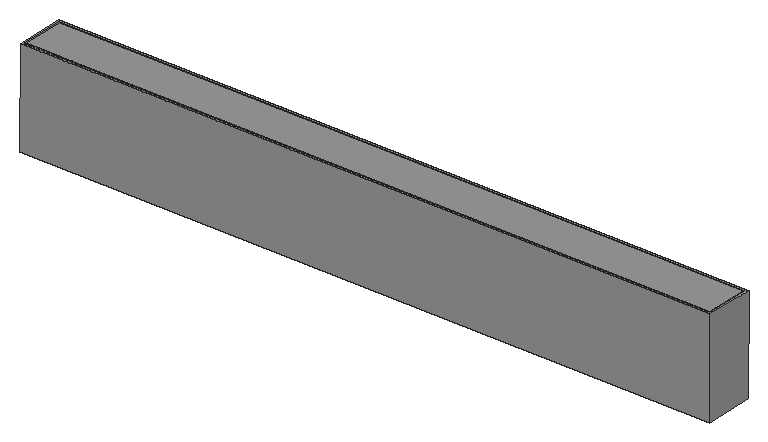
Revit family "Artemide_Sharp_SMD", category Lighting Fixtures, Revit 2018
Family settings
  Round Connector Dimension = Use Diameter
  Part Type = Normal
  Work Plane-Based = Yes
  Always vertical = Yes
  Cut with Voids When Loaded = No
  Light Source = Yes
  Shared = No
  Room Calculation Point = No
Parameters (values of type "SharpSMD_16opticunit_47W_52°_4000K_White_AF86501")
  Wattage = 47 W
  built-in parameter 1150110 = 1 (stored number, unit not read)
  Voltage = "-"
  V_2Optics = if(or(Distance_RightEnd < 22 mm, Distance_RightEnd > 60 mm), 1 = 0, 1 = 1)  # no
  V_1Optic = if(Distance_RightEnd < 60 mm, 1 = 0, 1 = 1)  # yes
  TotalNumberOfOptics = NumberOfOptics + 1  # 16
  built-in parameter 1114217 = 1 (stored number, unit not read)
  Tilt Angle = 90.00°
  built-in parameter 1150109 = 1 (stored number, unit not read)
  built-in parameter 1150134 = 12
  built-in parameter 1150113 = 1 (stored number, unit not read)
  Product Range = "Sharp"
  Photometric Web File = "AF86501+AF95201.IES"
  NumberOfOptics = 15
  Max Height from ceiling = 0 mm
  M_Louvre [instance] = Artemide_Aluminum_Black
  M_Housing = Artemide_Aluminum_Black
  M_ExternalHousing = Artemide_Aluminum_White
  M_Diffuser = Artemide_Glass_LightBulb
  built-in parameter 1150105 = 265.36 (stored number, unit not read)
  Lumens = 3334.65 lm
  built-in parameter 1150115 = 1 (stored number, unit not read)
  built-in parameter 1150137 = (empty or 0)
  built-in parameter 1150139 = (empty or 0)
  built-in parameter 1150112 = 1 (stored number, unit not read)
  built-in parameter 1150114 = 1 (stored number, unit not read)
  built-in parameter 1150132 = (empty or 0)
  built-in parameter 1150102 = (empty or 0)
  built-in parameter 1150107 = 4000 (stored number, unit not read)
  built-in parameter 1150138 = (empty or 0)
  built-in parameter 1150106 = 2.6536 (stored number, unit not read)
  IfcExportType = "NOT DEFINED"  # constant formula
  IfcExportAs = "IfcLightFixtureType"  # constant formula
  Weekly = "-"
  Warranty ID = "https://cloud.artemide.com/5-years-warranty"
  Upward Component  = 0
  Unified Glare Rating  = "-"
  Uniclass 2015 = "Pr_70_70_48"  # constant formula
  URL to O&M Manual = "https://www.artemide.com/contents/documenti/prodotto/sharp_smd_instructions4862734.pdf"
  URL to Energy Technology List = "-"
  Trim Material = "-"
  Trim Finish = "-"
  Trim Colour  = "-"
  Total Power = 0
  Total Light Output  = 0
  Testing method = "-"
  Supply Phase = 0
  Suitable for Photocell Control = "-"
  Suitable for Motion Detector Control = "N"
  Suitable for Dimming  = "N"
  Suitable Dimmer Type = "-"
  Standards = "-"
  Shipping Weight = 0
  Service life  = "-"
  Secondary Rated Lamp Life = 0
  Secondary Lamp Voltage = 0
  Secondary Lamp International Type Code = "-"
  Secondary Lamp Initial Lumens  = 0
  Secondary Lamp Included = "-"
  Secondary Lamp Efficacy = 0
  Secondary Lamp Colour Temperature = 0
  Secondary Lamp Colour Rendering Index = 0
  Secondary Lamp Cap = "-"
  Secondary Lamp = "N"
  Responsible Sourcing of Materials = "-"
  Responsible Extraction of Materials = "-"
  Reflector Material = "-"
  Reflector Finish = "-"
  Rated Lamp Life = 103000
  Quarterly = "-"
  Product Model Number = "AF86501"
  Product Literature = "https://www.artemide.com/en/subfamily/4198725/sharp-smd"
  Primary Lamp Type = "LED"
  Power Supply Kit = "-"
  Power Factor = 0
  Photocell = "-"
  Overall Width = 45
  Overall Light Output Ratio = 0
  Overall Length = 596
  Overall Height = 90
  Output Lumens Indirect light = 0
  Output Lumens Direct light = 417
  Number of Secondary Lamps = 0
  Number of Primary Lamps = 1
  Number of Poles = 0
  Motion Sensor = "-"
  Motion Detector = "-"
  Monthly = "-"
  Minimum Operating Temperature = 0
  Maximum Operating Temperature = 0
  Material Ingredient Reporting = "-"
  Manufacturer Website = "https://www.artemide.com"
  Manufacturer = "Artemide"
  Maintenance Required: 8001-12000hrs  = "-"
  Maintenance Required: 601-1000hrs = "-"
  Maintenance Required: 4001-8000hrs  = "-"
  Maintenance Required: 301-600hrs  = "-"
  Maintenance Required: 2001-4000hrs  = "-"
  Maintenance Required: 1001-2000hrs  = "-"
  Maintenance Required: 0-300hrs  = "-"
  Luminance at 65deg Angle = 0
  Luminaire Type = "Ceiling lamp"
  Luminaire Maintenance Factor = 0
  Luminaire Cleaning Interval  = "-"
  Louvre/Lens = "-"
  Location of Manufacturer = "-"
  Light Output Pattern = "-"
  Light Fixture Mounting Type = "Ceiling"
  Life Cycle Analysis = "-"
  Lamp Survival Factor = "-"
  Lamp Replacement Interval = "-"
  Lamp Included = "Y"
  Lamp Holder Material = "-"
  Lamp Cap = "LED Integrated"
  LED lifetime = 103000
  LED Maintained Colour Variation         = 0
  LED Initial Colour Variation                      = 0
  International Type Code = "-"
  Intended Market = "Unset"
  Integral Fuse or Circuit Protection  = "-"
  Integral Emergency Lighting Battery Type = "-"
  Input Lumens Indirect light = 0
  Input Lumens Direct light = 498.1
  Initial Lumens = 804
  Infills = "-"
  IP Rating = "IP20"
  IK Rating = "-"
  IES Files  = "-"
  Housing Material = "Aluminium"
  Housing Finish  = "Painted"
  Housing Colour  = "White"
  Hazardous Area Protection Type = "-"
  Hazardous Area Category = "-"
  Gross Weight = 0
  Green Guide for Specification = "-"
  Gasket Material = "-"
  Frequency  = 0
  Fixings = "-"
  Fixing Material = "-"
  Fire Shroud = "-"
  Fire Rating Duration = 0
  Fire Rated Temperature = 0
  Fire Rated = "-"
  Features = "Any additional components/accessories included in this file are required to complete the product/configuration and must be ordered separately.Please check the catalogue/dedicated brochure for more information"
  Face Width = 0
  Face Shape = "Rectangular"
  Face Length = 0
  External Control Line Voltage = 0
  Expected Life = "-"
  Environmental Product Declaration = "-"
  End Caps/Transition Caps/Joints = "-"
  Emit from Rectangle Width = 37.4 mm
  Emit from Rectangle Length = 596.8 mm
  Emit Shape Visible in Rendering = no
  Emergency light output percentage = 0
  Emergency Lighting Battery = "-"
  Emergency Charging Power       = 0
  Emergency = "N"
  Embodied Carbon  = 0
  Efficiency = 73
  built-in parameter 1150104 = 6.5915 (stored number, unit not read)
  Earth Point  = "-"
  ENEC Certification of European conformity = "Y"
  Duration of Integral Emergency Lighting  = 0
  Drive Current                                          = 0
  Downward Component = 0
  Distance_RightEnd = 580.4 mm
  Dimming Lamp Color Temperature Shift = <None>
  Diffusing screen = "-"
  Diffuser Material  = "-"
  Diffuser Finish = "-"
  Designed by = "Carlotta de Bevilacqua"
  Default Elevation = 1219.2 mm
  Daylight Sensor = "-"
  Daily = "-"
  Cut Out Width = 0
  Cut Out Length = 0
  Current  = 0
  Control Gear Type = "-"
  Control Gear Standby Power  = 0
  Control Gear Required = "-"
  Control Gear Location = "-"
  Column = "-"
  Colour Temperature = 4000
  Colour Rendering Index = 90
  Color Filter = 16777215
  Cable Material = "-"
  CE Approval = "YES"
  Bespoke Timeframe = "-"
  Beam Angle Transverse Axis  = 0.00°
  Beam Angle Longditudinal Axis  = 0.00°
  Basis of lifetime luminaire failures        = 0
  Basis of lifetime lumen depreciation   = 0
  built-in parameter 1114218 = 1 (stored number, unit not read)
  built-in parameter 1150133 = 10 (stored number, unit not read)
  Application Environment = "Internal"
  Annually = "-"
  Ambient Temperature                             = 0
  Air Handling = "-"
  Access Clearance Top = 0
  Access Clearance Right = 0
  Access Clearance Rear = 0
  Access Clearance Left = 0
  Access Clearance Front = 0
  Access Clearance Bottom = 0
  6 Monthly = "-"
Reference planes
  plane 1 "Center (Front/Back)": y = 0
  plane 2: z = 0
  plane 3 "Center (Left/Right)": x = 0
  plane 4: x = -20.882
  plane 5: x = -9.382
  plane 6: x = 580.4
  plane 7: x = 568.9
  plane 8 "Bottom Lamp": z = -85
  plane 9: z = -46.638
  plane 10: z = -45.038
  plane 11: x = -18.65
  plane 12: x = 578.169
  plane 13: y = 20.9
  plane 14: y = -20.9
  plane 15: y = 18.7
  plane 16: y = -18.7
  plane 17: y = 10
  plane 18: y = -10
  plane 19: z = -3
  plane 20 "Light": z = -65.038
  plane 21: x = 279.759
Forms (mm)
  Extrusion 1, solid, material "Artemide_Aluminum_White" <- "M_ExternalHousing"
    sketch origin (0, 0, -85) x (-1, 0, 0) y (0, -1, 0)
      loop
        line (18.65, -18.7) -> (18.65, 18.7) -> (-578.169, 18.7) -> (-578.169, -18.7) -> (18.65, -18.7)
      loop
        line (20.882, -20.9) -> (20.882, 20.9) -> (-580.4, 20.9) -> (-580.4, -20.9) -> (20.882, -20.9)
    from 0 to 85
  Extrusion 2, solid, material "Artemide_Aluminum_Black" <- "M_Housing"
    sketch origin (0, 0, 0) x (0, 1, 0) y (0, 0, 1)
      loop
        line (10, -45.038) -> (-10, -45.038) -> (-10, -46.638) -> (10, -46.638) -> (10, -45.038)
    from -9.382 to 568.9
  Extrusion 3, solid, material "Artemide_Aluminum_White" <- "M_ExternalHousing"
    sketch origin (0, 0, 0) x (0, 1, 0) y (0, 0, 1)
      loop
        line (18.7, 0) -> (-18.7, 0) -> (-18.7, -3) -> (18.7, -3) -> (18.7, 0)
    from -18.65 to 578.169
Dimensions and locks
  locked: plane 3 "Center (Left/Right)" to plane 4 at 20.882
  locked: plane 3 "Center (Left/Right)" to plane 5 at 9.382
  locked: plane 6 to plane 7 at 11.5
  "Distance_RightEnd": plane 6 to plane 3 "Center (Left/Right)"
  locked: plane 2 to plane 8 "Bottom Lamp" at 85
  plane 10 to plane 9 to plane 8 "Bottom Lamp" = 1.6 mm locked, 38.362 mm locked
  locked: plane 4 to plane 11 at 2.231
  locked: plane 6 to plane 12 at 2.231
  equal spacing: plane 13, plane 1 "Center (Front/Back)", plane 14
  locked: plane 13 to plane 14 at 41.8
  locked: plane 14 to plane 16 at 2.2
  locked: plane 13 to plane 15 at 2.2
  equal spacing: plane 17, plane 1 "Center (Front/Back)", plane 18
  locked: plane 17 to plane 18 at 20
  locked: plane 2 to plane 19 at 3
  equal spacing: group 1, group 2, group 3, group 4, group 5, group 6, group 7, group 8, group 9, group 10, group 11, group 12, group 13, group 14, group 15  (x3)
  locked: plane 20 "Light" to plane 8 "Bottom Lamp" at 19.962
  equal spacing: plane 4, plane 21, plane 6
  aligned and locked: level to plane 2
  aligned and locked: plane 1 "Center (Front/Back)" to nested 1
  aligned and locked: Extrusion 1 sketch curve to plane 4
  aligned and locked: Extrusion 1 sketch curve to plane 13
  aligned and locked: Extrusion 1 sketch curve to plane 6
  aligned and locked: Extrusion 1 sketch curve to plane 14
  aligned and locked: Extrusion 1 sketch curve to plane 11
  aligned and locked: Extrusion 1 sketch curve to plane 15
  aligned and locked: Extrusion 1 sketch curve to plane 12
  aligned and locked: Extrusion 1 sketch curve to plane 16
  aligned and locked: Extrusion 1 to plane 8 "Bottom Lamp"
  aligned and locked: plane 2 to Extrusion 1
  aligned and locked: Extrusion 2 sketch curve to plane 17
  aligned and locked: Extrusion 2 sketch curve to plane 10
  aligned and locked: Extrusion 2 sketch curve to plane 18
  aligned and locked: plane 9 to Extrusion 2 sketch curve
  aligned and locked: plane 5 to Extrusion 2
  aligned and locked: plane 7 to Extrusion 2
  aligned and locked: Extrusion 3 sketch curve to plane 2
  aligned and locked: Extrusion 3 sketch curve to plane 16
  aligned and locked: plane 19 to Extrusion 3 sketch curve
  aligned and locked: Extrusion 3 sketch curve to plane 15
  aligned and locked: plane 11 to Extrusion 3
  aligned and locked: plane 12 to Extrusion 3
  aligned and locked: plane 20 "Light" to imposter light
  aligned and locked: imposter light to plane 1 "Center (Front/Back)"
  aligned and locked: imposter light to plane 21
Nested families
  nested 1: "Artedime_Sharp_SMD_BasicGeometry" at (0, 0, 0), M_Louvre <- "M_Louvre", M_Housing <- "M_Housing", M_Diffuser <- "M_Diffuser", type "Artedime_Sharp_SMD_BasicGeometry"
    with M_Louvre Artemide_Aluminum_Black, M_Housing Artemide_Aluminum_Black, M_Diffuser Artemide_Glass_LightBulb
  nested 2: "Artedime_Sharp_SMD_BasicGeometry" at (37.3, 0, 0), M_Louvre <- "M_Louvre", M_Housing <- "M_Housing", M_Diffuser <- "M_Diffuser", visible <- "V_1Optic", type "Artedime_Sharp_SMD_BasicGeometry"
    with M_Louvre Artemide_Aluminum_Black, M_Housing Artemide_Aluminum_Black, M_Diffuser Artemide_Glass_LightBulb
  nested 3: "Artedime_Sharp_SMD_BasicGeometry" at (74.6, 0, 0), M_Louvre <- "M_Louvre", M_Housing <- "M_Housing", M_Diffuser <- "M_Diffuser", visible <- "V_1Optic", type "Artedime_Sharp_SMD_BasicGeometry"
    with M_Louvre Artemide_Aluminum_Black, M_Housing Artemide_Aluminum_Black, M_Diffuser Artemide_Glass_LightBulb
  nested 4: "Artedime_Sharp_SMD_BasicGeometry" at (37.3, 0, 0), M_Louvre <- "M_Louvre", M_Housing <- "M_Housing", M_Diffuser <- "M_Diffuser", visible <- "V_2Optics", type "Artedime_Sharp_SMD_BasicGeometry"
    with M_Louvre Artemide_Aluminum_Black, M_Housing Artemide_Aluminum_Black, M_Diffuser Artemide_Glass_LightBulb
  nested 5: "Artedime_Sharp_SMD_BasicGeometry" at (111.9, 0, 0), M_Louvre <- "M_Louvre", M_Housing <- "M_Housing", M_Diffuser <- "M_Diffuser", visible <- "V_1Optic", type "Artedime_Sharp_SMD_BasicGeometry"
    with M_Louvre Artemide_Aluminum_Black, M_Housing Artemide_Aluminum_Black, M_Diffuser Artemide_Glass_LightBulb
  nested 6: "Artedime_Sharp_SMD_BasicGeometry" at (149.2, 0, 0), M_Louvre <- "M_Louvre", M_Housing <- "M_Housing", M_Diffuser <- "M_Diffuser", visible <- "V_1Optic", type "Artedime_Sharp_SMD_BasicGeometry"
    with M_Louvre Artemide_Aluminum_Black, M_Housing Artemide_Aluminum_Black, M_Diffuser Artemide_Glass_LightBulb
  nested 7: "Artedime_Sharp_SMD_BasicGeometry" at (186.5, 0, 0), M_Louvre <- "M_Louvre", M_Housing <- "M_Housing", M_Diffuser <- "M_Diffuser", visible <- "V_1Optic", type "Artedime_Sharp_SMD_BasicGeometry"
    with M_Louvre Artemide_Aluminum_Black, M_Housing Artemide_Aluminum_Black, M_Diffuser Artemide_Glass_LightBulb
  nested 8: "Artedime_Sharp_SMD_BasicGeometry" at (223.8, 0, 0), M_Louvre <- "M_Louvre", M_Housing <- "M_Housing", M_Diffuser <- "M_Diffuser", visible <- "V_1Optic", type "Artedime_Sharp_SMD_BasicGeometry"
    with M_Louvre Artemide_Aluminum_Black, M_Housing Artemide_Aluminum_Black, M_Diffuser Artemide_Glass_LightBulb
  nested 9: "Artedime_Sharp_SMD_BasicGeometry" at (261.1, 0, 0), M_Louvre <- "M_Louvre", M_Housing <- "M_Housing", M_Diffuser <- "M_Diffuser", visible <- "V_1Optic", type "Artedime_Sharp_SMD_BasicGeometry"
    with M_Louvre Artemide_Aluminum_Black, M_Housing Artemide_Aluminum_Black, M_Diffuser Artemide_Glass_LightBulb
  nested 10: "Artedime_Sharp_SMD_BasicGeometry" at (298.4, 0, 0), M_Louvre <- "M_Louvre", M_Housing <- "M_Housing", M_Diffuser <- "M_Diffuser", visible <- "V_1Optic", type "Artedime_Sharp_SMD_BasicGeometry"
    with M_Louvre Artemide_Aluminum_Black, M_Housing Artemide_Aluminum_Black, M_Diffuser Artemide_Glass_LightBulb
  nested 11: "Artedime_Sharp_SMD_BasicGeometry" at (335.7, 0, 0), M_Louvre <- "M_Louvre", M_Housing <- "M_Housing", M_Diffuser <- "M_Diffuser", visible <- "V_1Optic", type "Artedime_Sharp_SMD_BasicGeometry"
    with M_Louvre Artemide_Aluminum_Black, M_Housing Artemide_Aluminum_Black, M_Diffuser Artemide_Glass_LightBulb
  nested 12: "Artedime_Sharp_SMD_BasicGeometry" at (373, 0, 0), M_Louvre <- "M_Louvre", M_Housing <- "M_Housing", M_Diffuser <- "M_Diffuser", visible <- "V_1Optic", type "Artedime_Sharp_SMD_BasicGeometry"
    with M_Louvre Artemide_Aluminum_Black, M_Housing Artemide_Aluminum_Black, M_Diffuser Artemide_Glass_LightBulb
  nested 13: "Artedime_Sharp_SMD_BasicGeometry" at (410.3, 0, 0), M_Louvre <- "M_Louvre", M_Housing <- "M_Housing", M_Diffuser <- "M_Diffuser", visible <- "V_1Optic", type "Artedime_Sharp_SMD_BasicGeometry"
    with M_Louvre Artemide_Aluminum_Black, M_Housing Artemide_Aluminum_Black, M_Diffuser Artemide_Glass_LightBulb
  nested 14: "Artedime_Sharp_SMD_BasicGeometry" at (447.6, 0, 0), M_Louvre <- "M_Louvre", M_Housing <- "M_Housing", M_Diffuser <- "M_Diffuser", visible <- "V_1Optic", type "Artedime_Sharp_SMD_BasicGeometry"
    with M_Louvre Artemide_Aluminum_Black, M_Housing Artemide_Aluminum_Black, M_Diffuser Artemide_Glass_LightBulb
  nested 15: "Artedime_Sharp_SMD_BasicGeometry" at (484.9, 0, 0), M_Louvre <- "M_Louvre", M_Housing <- "M_Housing", M_Diffuser <- "M_Diffuser", visible <- "V_1Optic", type "Artedime_Sharp_SMD_BasicGeometry"
    with M_Louvre Artemide_Aluminum_Black, M_Housing Artemide_Aluminum_Black, M_Diffuser Artemide_Glass_LightBulb
  nested 16: "Artedime_Sharp_SMD_BasicGeometry" at (522.2, 0, 0), M_Louvre <- "M_Louvre", M_Housing <- "M_Housing", M_Diffuser <- "M_Diffuser", visible <- "V_1Optic", type "Artedime_Sharp_SMD_BasicGeometry"
    with M_Louvre Artemide_Aluminum_Black, M_Housing Artemide_Aluminum_Black, M_Diffuser Artemide_Glass_LightBulb
  nested 17: "Artedime_Sharp_SMD_BasicGeometry" at (559.5, 0, 0), M_Louvre <- "M_Louvre", M_Housing <- "M_Housing", M_Diffuser <- "M_Diffuser", visible <- "V_1Optic", type "Artedime_Sharp_SMD_BasicGeometry"
    with M_Louvre Artemide_Aluminum_Black, M_Housing Artemide_Aluminum_Black, M_Diffuser Artemide_Glass_LightBulb
Definition of nested family "Artedime_Sharp_SMD_BasicGeometry"
  Parameters (values of type "Artedime_Sharp_SMD_BasicGeometry")
    Voltage = ""
    Product Range = ""
    Max Height from ceiling = 0 mm
    M_Louvre [instance] = none
    M_Housing [instance] = none
    M_Diffuser [instance] = none
    IfcExportType = "NOT DEFINED"  # constant formula
    IfcExportAs = "IfcLightFixtureType"  # constant formula
    Weekly = ""
    Warranty ID = ""
    Upward Component  = 0
    Unified Glare Rating  = ""
    Uniclass 2015 = "Pr_70_70_48"  # constant formula
    URL to O&M Manual = ""
    URL to Energy Technology List = ""
    Trim Material = ""
    Trim Finish = ""
    Trim Colour  = ""
    Total Power = 0
    Total Light Output  = 0
    Testing method = ""
    Supply Phase = 0
    Suitable for Photocell Control = ""
    Suitable for Motion Detector Control = ""
    Suitable for Dimming  = ""
    Suitable Dimmer Type = ""
    Standards = ""
    Shipping Weight = 0
    Service life  = ""
    Secondary Rated Lamp Life = 0
    Secondary Lamp Voltage = 0
    Secondary Lamp International Type Code = ""
    Secondary Lamp Initial Lumens  = 0
    Secondary Lamp Included = ""
    Secondary Lamp Efficacy = 0
    Secondary Lamp Colour Temperature = 0
    Secondary Lamp Colour Rendering Index = 0
    Secondary Lamp Cap = ""
    Secondary Lamp = ""
    Responsible Sourcing of Materials = ""
    Responsible Extraction of Materials = ""
    Reflector Material = ""
    Reflector Finish = ""
    Rated Lamp Life = 0
    Quarterly = ""
    Product Model Number = ""
    Product Literature = ""
    Primary Lamp Type = ""
    Power Supply Kit = ""
    Power Factor = 0
    Photocell = ""
    Overall Width = 0
    Overall Light Output Ratio = 0
    Overall Length = 0
    Overall Height = 0
    Output Lumens Indirect light = 0
    Output Lumens Direct light = 0
    Number of Secondary Lamps = 0
    Number of Primary Lamps = 0
    Number of Poles = 0
    Motion Sensor = ""
    Motion Detector = ""
    Monthly = ""
    Minimum Operating Temperature = 0
    Maximum Operating Temperature = 0
    Material Ingredient Reporting = ""
    Manufacturer Website = "https://www.artemide.com"
    Manufacturer = "Artemide"
    Maintenance Required: 8001-12000hrs  = ""
    Maintenance Required: 601-1000hrs = ""
    Maintenance Required: 4001-8000hrs  = ""
    Maintenance Required: 301-600hrs  = ""
    Maintenance Required: 2001-4000hrs  = ""
    Maintenance Required: 1001-2000hrs  = ""
    Maintenance Required: 0-300hrs  = ""
    Luminance at 65deg Angle = 0
    Luminaire Type = ""
    Luminaire Maintenance Factor = 0
    Luminaire Cleaning Interval  = ""
    Louvre/Lens = ""
    Location of Manufacturer = ""
    Light Output Pattern = ""
    Light Fixture Mounting Type = ""
    Life Cycle Analysis = ""
    Lamp Survival Factor = ""
    Lamp Replacement Interval = ""
    Lamp Included = ""
    Lamp Holder Material = ""
    Lamp Cap = ""
    LED lifetime = 0
    LED Maintained Colour Variation         = 0
    LED Initial Colour Variation                      = 0
    International Type Code = ""
    Intended Market = ""
    Integral Fuse or Circuit Protection  = ""
    Integral Emergency Lighting Battery Type = ""
    Input Lumens Indirect light = 0
    Input Lumens Direct light = 0
    Initial Lumens = 0
    Infills = ""
    IP Rating = ""
    IK Rating = ""
    IES Files  = ""
    Housing Material = ""
    Housing Finish  = ""
    Housing Colour  = ""
    Hazardous Area Protection Type = ""
    Hazardous Area Category = ""
    Gross Weight = 0
    Green Guide for Specification = ""
    Gasket Material = ""
    Frequency  = 0
    Fixings = ""
    Fixing Material = ""
    Fire Shroud = ""
    Fire Rating Duration = 0
    Fire Rated Temperature = 0
    Fire Rated = ""
    Features = ""
    Face Width = 0
    Face Shape = ""
    Face Length = 0
    External Control Line Voltage = 0
    Expected Life = ""
    Environmental Product Declaration = ""
    End Caps/Transition Caps/Joints = ""
    Emergency light output percentage = 0
    Emergency Lighting Battery = ""
    Emergency Charging Power       = 0
    Emergency = ""
    Embodied Carbon  = 0
    Efficiency = 0
    Efficacy_2 = 0
    Earth Point  = ""
    ENEC Certification of European conformity = ""
    Duration of Integral Emergency Lighting  = 0
    Drive Current                                          = 0
    Downward Component = 0
    Diffusing screen = ""
    Diffuser Material  = ""
    Diffuser Finish = ""
    Designed by = ""
    Default Elevation = 1219.2 mm
    Daylight Sensor = ""
    Daily = ""
    Cut Out Width = 0
    Cut Out Length = 0
    Current  = 0
    Control Gear Type = ""
    Control Gear Standby Power  = 0
    Control Gear Required = ""
    Control Gear Location = ""
    Column = ""
    Colour Temperature = 0
    Colour Rendering Index = 0
    Cable Material = ""
    CE Approval = ""
    Bespoke Timeframe = ""
    Beam Angle Transverse Axis  = 0.00°
    Beam Angle Longditudinal Axis  = 0.00°
    Basis of lifetime luminaire failures        = 0
    Basis of lifetime lumen depreciation   = 0
    Application Environment = ""
    Annually = ""
    Ambient Temperature                             = 0
    Air Handling = ""
    Access Clearance Top = 0
    Access Clearance Right = 0
    Access Clearance Rear = 0
    Access Clearance Left = 0
    Access Clearance Front = 0
    Access Clearance Bottom = 0
    6 Monthly = ""
  Reference planes
    plane 1 "Center (Front/Back)": y = 0
    plane 2: z = 0
    plane 3 "Center (Left/Right)": x = 0
    plane 4: z = -85
    plane 5: z = -67.93
    plane 6: z = -67.659
    plane 7: z = -66.297
    plane 8: z = -47.137
    plane 9: y = 16.768
    plane 10: y = -16.768
    plane 11: x = 16.8
    plane 12: x = -16.8
    plane 13: y = 13.017
    plane 14: y = -13.017
    plane 15: x = -13.057
    plane 16: x = 13.057
    plane 17: x = -18.526
    plane 18: x = 18.526
    plane 19: z = -46.638
  Forms (mm)
    Revolve 1, solid, material <- "M_Housing"
      sketch origin (0, 0, 0) x (0, 1, 0) y (0, 0, 1)
        loop
          line (3.42, -47.137) -> (0, -47.137) -> (0, -48.137) -> (2.846, -48.137)
          arc (2.846, -48.137) -> (6.44, -56.901) -> (7.639, -66.297) r 36.224
          line (7.639, -66.297) -> (8.639, -66.297)
          arc (8.639, -66.297) -> (7.331, -56.362) -> (3.42, -47.137) r 37.224
        axis (0, -47.137) -> (0, -66.297)
      angle from 0 to 360
    Revolve 2, solid, material <- "M_Housing"
      sketch origin (0, 0, 0) x (0, 1, 0) y (0, 0, 1)
        loop
          line (11.491, -67.659) -> (10.099, -66.297) -> (9.099, -66.297) -> (10.461, -67.659) -> (11.491, -67.659)
        axis (0, -66.297) -> (0, -67.659)
      angle from 0 to 360
    Sweep 3, solid, material <- "M_Louvre"
      path origin (0, 0, 0) x (1, 0, 0) y (0, 1, 0)
        loop
          line (-16.8, 16.768) -> (-16.8, -16.768) -> (16.8, -16.768) -> (16.8, 16.768) -> (-16.8, 16.768)
      profile origin (0, 16.768, 0) x (0, 1, 0) y (0, 0, 1)
        loop
          line (1.85, -85) -> (1.85, -83.113)
          arc (1.85, -83.113) -> (-0.51, -75.359) -> (-3.75, -67.93) r 70.074
          line (-3.75, -67.93) -> (-6.102, -67.93)
          arc (-6.102, -67.93) -> (-2.557, -76.29) -> (0.008, -85) r 79.212
          line (0.008, -85) -> (1.85, -85)
    Extrusion 4, solid, material <- "M_Louvre"
      sketch origin (0, 0, 0) x (1, 0, 0) y (0, 1, 0)
        loop
          line (-13.05, 13.018) -> (-13.05, -13.018) -> (13.05, -13.018) -> (13.05, 13.018) -> (-13.05, 13.018)
        loop
          circle (0, 0) r 9
      from -67.93 to -67.659
    Revolve 5, solid, material <- "M_Diffuser"
      sketch origin (0, 0, 0) x (0, 1, 0) y (0, 0, 1)
        loop
          line (9.099, -66.297) -> (0, -66.297) -> (0, -67.659) -> (10.461, -67.659) -> (9.099, -66.297)
        axis (0, -66.297) -> (0, -67.659)
      angle from 0 to 360
    Extrusion 6, solid, material <- "M_Housing"
      sketch origin (0, 0, 0) x (1, 0, 0) y (0, 1, 0)
        loop
          circle (0, 0) r 1.6
      from -47.137 to -46.638
  Cuts and joins
    joined: Sweep 3, Extrusion 4
  Dimensions and locks
    locked: plane 6 to plane 5 at 0.271
    locked: plane 7 to plane 6 at 1.362
    locked: plane 8 to plane 7 at 19.16
    locked: plane 12 to plane 11 at 33.6
    equal spacing: plane 12, plane 3 "Center (Left/Right)", plane 11
    equal spacing: plane 9, plane 1 "Center (Front/Back)", plane 10  (x2)
    locked: plane 9 to plane 10 at 33.536
    plane 9 to plane 10 = 33.536 mm
    equal spacing: plane 13, plane 1 "Center (Front/Back)", plane 14  (x2)
    plane 13 to plane 14 = 26.035 mm  (x2)
    equal spacing: plane 15, plane 3 "Center (Left/Right)", plane 16
    plane 15 to plane 16 = 26.114 mm
    equal spacing: plane 17, plane 3 "Center (Left/Right)", plane 18
    locked: plane 17 to plane 18 at 37.052
    locked: plane 19 to plane 8 at 0.499
    locked: plane 6 to plane 4 at 17.341
    aligned and locked: level to plane 2
    aligned and locked: Revolve 1 sketch curve to plane 8
    aligned and locked: plane 7 to Revolve 1 sketch curve
    aligned and locked: plane 1 "Center (Front/Back)" to Revolve 1 sketch curve
    aligned and locked: Revolve 2 sketch curve to plane 7
    aligned and locked: plane 6 to Revolve 2 sketch curve
    aligned and locked: plane 1 "Center (Front/Back)" to Revolve 2 sketch curve
    aligned and locked: Sweep 3 sketch curve to plane 9
    aligned and locked: Sweep 3 sketch curve to plane 12
    aligned and locked: Sweep 3 sketch curve to plane 10
    aligned and locked: Sweep 3 sketch curve to plane 11
    aligned and locked: Extrusion 4 to plane 5
    aligned and locked: plane 6 to Extrusion 4
    aligned and locked: plane 7 to Revolve 5 sketch curve
    aligned and locked: Revolve 5 sketch curve to plane 6
    aligned and locked: plane 1 "Center (Front/Back)" to Revolve 5 sketch curve
    aligned and locked: plane 3 "Center (Left/Right)" to Extrusion 6 sketch curve
    aligned and locked: plane 1 "Center (Front/Back)" to Extrusion 6 sketch curve
    aligned and locked: Extrusion 6 to plane 8
    aligned and locked: plane 19 to Extrusion 6
    aligned and locked: Sweep 3 sketch curve to plane 5
    aligned and locked: Sweep 3 sketch curve to plane 4
    aligned and locked: plane 7 to Revolve 1
    aligned and locked: plane 8 to Revolve 1
    aligned and locked: plane 7 to Revolve 2
    aligned and locked: plane 6 to Revolve 2
    aligned and locked: plane 7 to Revolve 5
    aligned and locked: plane 6 to Revolve 5
    aligned and locked: plane 6 to cut or joined group of Sweep 3, Extrusion 4
    aligned and locked: cut or joined group of Sweep 3, Extrusion 4 to plane 5
  Automatic sketch dimensions
    Revolve 1 sketch curve to Revolve 1 sketch curve = 0 mm  (x2)
    Revolve 1 sketch curve to plane 1 "Center (Front/Back)" = 0 mm
    plane 7 to Revolve 1 sketch curve = 0.152 mm
    plane 10 to Revolve 1 sketch curve = 11.816 mm
    Revolve 1 sketch curve to plane 8 = 1 mm
    Revolve 1 sketch curve to plane 1 "Center (Front/Back)" = 2.846 mm
    Revolve 1 sketch curve to Revolve 1 sketch curve = 0.574 mm
    Revolve 1 sketch curve to level = 520.992 mm
    Revolve 2 sketch curve to plane 13 = 3.918 mm
    Revolve 2 sketch curve to Revolve 2 sketch curve = 1 mm
    Revolve 2 sketch curve to Revolve 2 sketch curve = 0.362 mm
    Revolve 2 sketch curve to Revolve 2 sketch curve = 1.03 mm
    Revolve 2 sketch curve to level = 520.992 mm
    plane 1 "Center (Front/Back)" to Extrusion 4 sketch curve = 0 mm
    Extrusion 4 sketch curve to plane 3 "Center (Left/Right)" = 0 mm
    Revolve 5 sketch curve to plane 1 "Center (Front/Back)" = 0 mm
    Revolve 5 sketch curve to plane 13 = 3.918 mm
    Revolve 5 sketch curve to Revolve 5 sketch curve = 1.362 mm
    Revolve 5 sketch curve to level = 520.992 mm
    plane 8 to Revolve 1 sketch curve = 2703.611 mm
    plane 8 to Revolve 2 sketch curve = 2703.611 mm
    plane 8 to Revolve 5 sketch curve = 2703.611 mm
    profile plane to Sweep 3 sketch curve = 6.102 mm
    Sweep 3 sketch curve to Sweep 3 sketch curve = 2.352 mm
    Sweep 3 sketch curve to Sweep 3 sketch curve = 1.843 mm
    Sweep 3 sketch curve to profile plane = 1.85 mm
    Sweep 3 sketch curve to Sweep 3 sketch curve = 10.882 mm
    Sweep 3 sketch curve to Sweep 3 sketch curve = 3.371 mm
    plane 13 to Extrusion 4 sketch curve = 0.001 mm
    Extrusion 4 sketch curve to plane 15 = 0.007 mm
    plane 16 to Extrusion 4 sketch curve = 0.007 mm
    Extrusion 4 sketch curve to plane 14 = 0.001 mm
    profile plane to Sweep 3 sketch curve = 66.254 mm
    radius of Extrusion 4 sketch curve = 9 mm
    radius of Extrusion 6 sketch curve = 1.6 mm
Types (243, lengths in mm): name | Wattage | V_2Optics | V_1Optic | TotalNumberOfOptics | built-in parameter 1150134 | Photometric Web File | NumberOfOptics | M_ExternalHousing | built-in parameter 1150105 | Lumens | built-in parameter 1150107 | built-in parameter 1150106 | URL to O&M Manual | Suitable for Dimming  | Suitable Dimmer Type | Product Model Number | Overall Length | Housing Colour  | Emit from Rectangle Width | Emit from Rectangle Length | Efficiency | built-in parameter 1150104 | Distance_RightEnd | Colour Temperature
  SharpSMD_1opticunit_3,5W_20°_2700K_White_AF31001 | 3.5 W | no | no | 3 | (empty or 0) | "AF31001+AF95001.IES" | 2 | Artemide_Aluminum_White | 17.513 (stored number, unit not read) | 220.08 lm | 2700 (stored number, unit not read) | 0.17513 (stored number, unit not read) | "https://www.artemide.com/contents/documenti/prodotto/sharp_smd_instructions4862935.pdf" | "N" | "-" | "AF31001" | 41 | "White" | 37.4 | 37.3 | 76 | 5.8417 (stored number, unit not read) | 20.882 | 2700
  SharpSMD_2opticunit_6,5W_20°_2700K_White_AF36001 | 6.5 W | yes | no | 3 | (empty or 0) | "AF36001+AF95101.IES" | 2 | Artemide_Aluminum_White | 32.525 (stored number, unit not read) | 408.72 lm | 2700 (stored number, unit not read) | 0.32525 (stored number, unit not read) | "https://www.artemide.com/contents/documenti/prodotto/sharp_smd_instructions4862935.pdf" | "N" | "-" | "AF36001" | 78 | "White" | 37.4 | 74.6 | 76 | 5.8417 (stored number, unit not read) | 58.2 | 2700
  SharpSMD_4opticunit_12W_20°_3000K_White_AF41301 | 12 W | no | yes | 4 | (empty or 0) | "AF41301+AF95201.IES" | 3 | Artemide_Aluminum_White | 63.971 (stored number, unit not read) | 803.88 lm | 3000 (stored number, unit not read) | 0.63971 (stored number, unit not read) | "https://www.artemide.com/contents/documenti/prodotto/sharp_smd_instructions4862935.pdf" | "N" | "-" | "AF41301" | 152 | "White" | 37.4 | 149.2 | 76 | 6.2236 (stored number, unit not read) | 132.8 | 3000
  SharpSMD_8opticunit_24W_20°_3000K_White_AF46001 | 24 W | no | yes | 8 | (empty or 0) | "AF46001+AF95201.IES" | 7 | Artemide_Aluminum_White | 127.94 (stored number, unit not read) | 1607.76 lm | 3000 (stored number, unit not read) | 1.2794 (stored number, unit not read) | "https://www.artemide.com/contents/documenti/prodotto/sharp_smd_instructions4862734.pdf" | "N" | "-" | "AF46001" | 300 | "White" | 37.4 | 298.4 | 76 | 6.2236 (stored number, unit not read) | 282 | 3000
  SharpSMD_12opticunit_37W_20°_3000K_White_AF81001 | 37 W | no | yes | 12 | (empty or 0) | "AF81001+AF95201.IES" | 11 | Artemide_Aluminum_White | 191.91 (stored number, unit not read) | 2411.66 lm | 3000 (stored number, unit not read) | 1.9191 (stored number, unit not read) | "https://www.artemide.com/contents/documenti/prodotto/sharp_smd_instructions4862734.pdf" | "N" | "-" | "AF81001" | 448 | "White" | 37.4 | 447.6 | 76 | 6.0554 (stored number, unit not read) | 431.2 | 3000
  SharpSMD_16opticunit_47W_20°_3000K_White_AF86001 | 47 W | no | yes | 16 | (empty or 0) | "AF86001+AF95201.IES" | 15 | Artemide_Aluminum_White | 255.86 (stored number, unit not read) | 3215.27 lm | 3000 (stored number, unit not read) | 2.5586 (stored number, unit not read) | "https://www.artemide.com/contents/documenti/prodotto/sharp_smd_instructions4862734.pdf" | "N" | "-" | "AF86001" | 596 | "White" | 37.4 | 596.8 | 76 | 6.3555 (stored number, unit not read) | 580.4 | 3000
  SharpSMD_1opticunit_3,5W_20°_2700K_Black_AF31004 | 3.5 W | no | no | 3 | (empty or 0) | "AF31004+AF95001.IES" | 2 | Artemide_Aluminum_Black | 17.513 (stored number, unit not read) | 220.08 lm | 2700 (stored number, unit not read) | 0.17513 (stored number, unit not read) | "https://www.artemide.com/contents/documenti/prodotto/sharp_smd_instructions4862935.pdf" | "N" | "-" | "AF31004" | 41 | "Black" | 37.4 | 37.3 | 76 | 5.8417 (stored number, unit not read) | 20.882 | 2700
  SharpSMD_1opticunit_3,5W_20°_2700K_Silver_AF31005 | 3.5 W | no | no | 3 | (empty or 0) | "AF31005+AF95001.IES" | 2 | Artemide_Aluminum_BrushedSilver | 17.513 (stored number, unit not read) | 220.08 lm | 2700 (stored number, unit not read) | 0.17513 (stored number, unit not read) | "https://www.artemide.com/contents/documenti/prodotto/sharp_smd_instructions4862935.pdf" | "N" | "-" | "AF31005" | 41 | "Silver" | 37.4 | 37.3 | 76 | 5.8417 (stored number, unit not read) | 20.882 | 2700
  SharpSMD_1opticunit_3,5W_20°_3000K_White_AF31301 | 3.5 W | no | no | 3 | (empty or 0) | "AF31301+AF95001.IES" | 2 | Artemide_Aluminum_White | 18.658 (stored number, unit not read) | 234.465 lm | 3000 (stored number, unit not read) | 0.18658 (stored number, unit not read) | "https://www.artemide.com/contents/documenti/prodotto/sharp_smd_instructions4862935.pdf" | "N" | "-" | "AF31301" | 41 | "White" | 37.4 | 37.3 | 76 | 6.2236 (stored number, unit not read) | 20.882 | 3000
  SharpSMD_1opticunit_3,5W_20°_3000K_Black_AF31304 | 3.5 W | no | no | 3 | (empty or 0) | "AF31304+AF95001.IES" | 2 | Artemide_Aluminum_Black | 18.658 (stored number, unit not read) | 234.465 lm | 3000 (stored number, unit not read) | 0.18658 (stored number, unit not read) | "https://www.artemide.com/contents/documenti/prodotto/sharp_smd_instructions4862935.pdf" | "N" | "-" | "AF31304" | 41 | "Black" | 37.4 | 37.3 | 76 | 6.2236 (stored number, unit not read) | 20.882 | 3000
  SharpSMD_1opticunit_3,5W_20°_3000K_Silver_AF31305 | 3.5 W | no | no | 3 | (empty or 0) | "AF31305+AF95001.IES" | 2 | Artemide_Aluminum_BrushedSilver | 18.658 (stored number, unit not read) | 234.465 lm | 3000 (stored number, unit not read) | 0.18658 (stored number, unit not read) | "https://www.artemide.com/contents/documenti/prodotto/sharp_smd_instructions4862935.pdf" | "N" | "-" | "AF31305" | 41 | "Silver" | 37.4 | 37.3 | 76 | 6.2236 (stored number, unit not read) | 20.882 | 3000
  SharpSMD_1opticunit_3,5W_36°_2700K_White_AF31101 | 3.5 W | no | no | 3 | (empty or 0) | "AF31101+AF95001.IES" | 2 | Artemide_Aluminum_White | 16.385 (stored number, unit not read) | 205.905 lm | 2700 (stored number, unit not read) | 0.16385 (stored number, unit not read) | "https://www.artemide.com/contents/documenti/prodotto/sharp_smd_instructions4862935.pdf" | "N" | "-" | "AF31101" | 41 | "White" | 37.4 | 37.3 | 71 | 5.4655 (stored number, unit not read) | 20.882 | 2700
  SharpSMD_1opticunit_3,5W_36°_2700K_Black_AF31104 | 3.5 W | no | no | 3 | (empty or 0) | "AF31104+AF95001.IES" | 2 | Artemide_Aluminum_Black | 16.385 (stored number, unit not read) | 205.905 lm | 2700 (stored number, unit not read) | 0.16385 (stored number, unit not read) | "https://www.artemide.com/contents/documenti/prodotto/sharp_smd_instructions4862935.pdf" | "N" | "-" | "AF31104" | 41 | "Black" | 37.4 | 37.3 | 71 | 5.4655 (stored number, unit not read) | 20.882 | 2700
  SharpSMD_1opticunit_3,5W_36°_2700K_Silver_AF31105 | 3.5 W | no | no | 3 | (empty or 0) | "AF31105+AF95001.IES" | 2 | Artemide_Aluminum_BrushedSilver | 16.385 (stored number, unit not read) | 205.905 lm | 2700 (stored number, unit not read) | 0.16385 (stored number, unit not read) | "https://www.artemide.com/contents/documenti/prodotto/sharp_smd_instructions4862935.pdf" | "N" | "-" | "AF31105" | 41 | "Silver" | 37.4 | 37.3 | 71 | 5.4655 (stored number, unit not read) | 20.882 | 2700
  SharpSMD_1opticunit_3,5W_36°_3000K_White_AF31401 | 3.5 W | no | no | 3 | (empty or 0) | "AF31401+AF95001.IES" | 2 | Artemide_Aluminum_White | 17.458 (stored number, unit not read) | 219.38 lm | 3000 (stored number, unit not read) | 0.17458 (stored number, unit not read) | "https://www.artemide.com/contents/documenti/prodotto/sharp_smd_instructions4862935.pdf" | "N" | "-" | "AF31401" | 41 | "White" | 37.4 | 37.3 | 71 | 5.8232 (stored number, unit not read) | 20.882 | 3000
  SharpSMD_1opticunit_3,5W_36°_3000K_Black_AF31404 | 3.5 W | no | no | 3 | (empty or 0) | "AF31404+AF95001.IES" | 2 | Artemide_Aluminum_Black | 17.458 (stored number, unit not read) | 219.38 lm | 3000 (stored number, unit not read) | 0.17458 (stored number, unit not read) | "https://www.artemide.com/contents/documenti/prodotto/sharp_smd_instructions4862935.pdf" | "N" | "-" | "AF31404" | 41 | "Black" | 37.4 | 37.3 | 71 | 5.8232 (stored number, unit not read) | 20.882 | 3000
  SharpSMD_1opticunit_3,5W_36°_3000K_Silver_AF31405 | 3.5 W | no | no | 3 | (empty or 0) | "AF31405+AF95001.IES" | 2 | Artemide_Aluminum_BrushedSilver | 17.458 (stored number, unit not read) | 219.38 lm | 3000 (stored number, unit not read) | 0.17458 (stored number, unit not read) | "https://www.artemide.com/contents/documenti/prodotto/sharp_smd_instructions4862935.pdf" | "N" | "-" | "AF31405" | 41 | "Silver" | 37.4 | 37.3 | 71 | 5.8232 (stored number, unit not read) | 20.882 | 3000
  SharpSMD_1opticunit_3,5W_52°_2700K_White_AF31201 | 3.5 W | no | no | 3 | (empty or 0) | "AF31201+AF95001.IES" | 2 | Artemide_Aluminum_White | 16.97 (stored number, unit not read) | 213.255 lm | 2700 (stored number, unit not read) | 0.1697 (stored number, unit not read) | "https://www.artemide.com/contents/documenti/prodotto/sharp_smd_instructions4862935.pdf" | "N" | "-" | "AF31201" | 41 | "White" | 37.4 | 37.3 | 73 | 5.6606 (stored number, unit not read) | 20.882 | 2700
  SharpSMD_1opticunit_3,5W_52°_2700K_Black_AF31204 | 3.5 W | no | no | 3 | (empty or 0) | "AF31204+AF95001.IES" | 2 | Artemide_Aluminum_Black | 16.97 (stored number, unit not read) | 213.255 lm | 2700 (stored number, unit not read) | 0.1697 (stored number, unit not read) | "https://www.artemide.com/contents/documenti/prodotto/sharp_smd_instructions4862935.pdf" | "N" | "-" | "AF31204" | 41 | "Black" | 37.4 | 37.3 | 73 | 5.6606 (stored number, unit not read) | 20.882 | 2700
  SharpSMD_1opticunit_3,5W_52°_2700K_Silver_AF31205 | 3.5 W | no | no | 3 | (empty or 0) | "AF31205+AF95001.IES" | 2 | Artemide_Aluminum_BrushedSilver | 16.97 (stored number, unit not read) | 213.255 lm | 2700 (stored number, unit not read) | 0.1697 (stored number, unit not read) | "https://www.artemide.com/contents/documenti/prodotto/sharp_smd_instructions4862935.pdf" | "N" | "-" | "AF31205" | 41 | "Silver" | 37.4 | 37.3 | 73 | 5.6606 (stored number, unit not read) | 20.882 | 2700
  SharpSMD_1opticunit_3,5W_52°_3000K_White_AF31501 | 3.5 W | no | no | 3 | (empty or 0) | "AF31501+AF95001.IES" | 2 | Artemide_Aluminum_White | 18.079 (stored number, unit not read) | 227.185 lm | 3000 (stored number, unit not read) | 0.18079 (stored number, unit not read) | "https://www.artemide.com/contents/documenti/prodotto/sharp_smd_instructions4862935.pdf" | "N" | "-" | "AF31501" | 41 | "White" | 37.4 | 37.3 | 73 | 6.0303 (stored number, unit not read) | 20.882 | 3000
  SharpSMD_1opticunit_3,5W_52°_3000K_Black_AF31504 | 3.5 W | no | no | 3 | (empty or 0) | "AF31504+AF95001.IES" | 2 | Artemide_Aluminum_Black | 18.079 (stored number, unit not read) | 227.185 lm | 3000 (stored number, unit not read) | 0.18079 (stored number, unit not read) | "https://www.artemide.com/contents/documenti/prodotto/sharp_smd_instructions4862935.pdf" | "N" | "-" | "AF31504" | 41 | "Black" | 37.4 | 37.3 | 73 | 6.0303 (stored number, unit not read) | 20.882 | 3000
  SharpSMD_1opticunit_3,5W_52°_3000K_Silver_AF31505 | 3.5 W | no | no | 3 | (empty or 0) | "AF31505+AF95001.IES" | 2 | Artemide_Aluminum_BrushedSilver | 18.079 (stored number, unit not read) | 227.185 lm | 3000 (stored number, unit not read) | 0.18079 (stored number, unit not read) | "https://www.artemide.com/contents/documenti/prodotto/sharp_smd_instructions4862935.pdf" | "N" | "-" | "AF31505" | 41 | "Silver" | 37.4 | 37.3 | 73 | 6.0303 (stored number, unit not read) | 20.882 | 3000
  SharpSMD_1opticunit_3,5W_20°_4000K_Black_AF31604 | 3.5 W | no | no | 3 | 12 | "AF31604+AF95001.IES" | 2 | Artemide_Aluminum_Black | 19.97 (stored number, unit not read) | 250.95 lm | 4000 (stored number, unit not read) | 0.1997 (stored number, unit not read) | "https://www.artemide.com/contents/documenti/prodotto/sharp_smd_instructions4862935.pdf" | "N" | "-" | "AF31604" | 41 | "Black" | 37.4 | 37.3 | 76 | 6.6611 (stored number, unit not read) | 20.882 | 4000
  SharpSMD_1opticunit_3,5W_36°_4000K_Black_AF31704 | 3.5 W | no | no | 3 | 12 | "AF31704+AF95001.IES" | 2 | Artemide_Aluminum_Black | 18.686 (stored number, unit not read) | 234.815 lm | 4000 (stored number, unit not read) | 0.18686 (stored number, unit not read) | "https://www.artemide.com/contents/documenti/prodotto/sharp_smd_instructions4862935.pdf" | "N" | "-" | "AF31704" | 41 | "Black" | 37.4 | 37.3 | 71 | 6.2329 (stored number, unit not read) | 20.882 | 4000
  SharpSMD_1opticunit_3,5W_52°_4000K_Black_AF31804 | 3.5 W | no | no | 3 | 12 | "AF31804+AF95001.IES" | 2 | Artemide_Aluminum_Black | 19.352 (stored number, unit not read) | 243.18 lm | 4000 (stored number, unit not read) | 0.19352 (stored number, unit not read) | "https://www.artemide.com/contents/documenti/prodotto/sharp_smd_instructions4862935.pdf" | "N" | "-" | "AF31804" | 41 | "Black" | 37.4 | 37.3 | 74 | 6.4549 (stored number, unit not read) | 20.882 | 4000
  SharpSMD_1opticunit_3,5W_20°_4000K_Silver_AF31605 | 3.5 W | no | no | 3 | 12 | "AF31605+AF95001.IES" | 2 | Artemide_Aluminum_BrushedSilver | 19.97 (stored number, unit not read) | 250.95 lm | 4000 (stored number, unit not read) | 0.1997 (stored number, unit not read) | "https://www.artemide.com/contents/documenti/prodotto/sharp_smd_instructions4862935.pdf" | "N" | "-" | "AF31605" | 41 | "Silver" | 37.4 | 37.3 | 76 | 6.6611 (stored number, unit not read) | 20.882 | 4000
  SharpSMD_1opticunit_3,5W_52°_4000K_Silver_AF31805 | 3.5 W | no | no | 3 | 12 | "AF31805+AF95001.IES" | 2 | Artemide_Aluminum_BrushedSilver | 19.352 (stored number, unit not read) | 243.18 lm | 4000 (stored number, unit not read) | 0.19352 (stored number, unit not read) | "https://www.artemide.com/contents/documenti/prodotto/sharp_smd_instructions4862935.pdf" | "N" | "-" | "AF31805" | 41 | "Silver" | 37.4 | 37.3 | 74 | 6.4549 (stored number, unit not read) | 20.882 | 4000
  SharpSMD_1opticunit_3,5W_36°_4000K_Silver_AF31705 | 3.5 W | no | no | 3 | 12 | "AF31705+AF95001.IES" | 2 | Artemide_Aluminum_BrushedSilver | 18.686 (stored number, unit not read) | 234.815 lm | 4000 (stored number, unit not read) | 0.18686 (stored number, unit not read) | "https://www.artemide.com/contents/documenti/prodotto/sharp_smd_instructions4862935.pdf" | "N" | "-" | "AF31705" | 41 | "Silver" | 37.4 | 37.3 | 71 | 6.2329 (stored number, unit not read) | 20.882 | 4000
  SharpSMD_1opticunit_3,5W_20°_4000K_White_AF31601 | 3.5 W | no | no | 3 | 12 | "AF31601+AF95001.IES" | 2 | Artemide_Aluminum_White | 19.97 (stored number, unit not read) | 250.95 lm | 4000 (stored number, unit not read) | 0.1997 (stored number, unit not read) | "https://www.artemide.com/contents/documenti/prodotto/sharp_smd_instructions4862935.pdf" | "N" | "-" | "AF31601" | 41 | "White" | 37.4 | 37.3 | 76 | 6.6611 (stored number, unit not read) | 20.882 | 4000
  SharpSMD_1opticunit_3,5W_36°_4000K_White_AF31701 | 3.5 W | no | no | 3 | 12 | "AF31701+AF95001.IES" | 2 | Artemide_Aluminum_White | 18.686 (stored number, unit not read) | 234.815 lm | 4000 (stored number, unit not read) | 0.18686 (stored number, unit not read) | "https://www.artemide.com/contents/documenti/prodotto/sharp_smd_instructions4862935.pdf" | "N" | "-" | "AF31701" | 41 | "White" | 37.4 | 37.3 | 71 | 6.2329 (stored number, unit not read) | 20.882 | 4000
  SharpSMD_1opticunit_3,5W_52°_4000K_White_AF31801 | 3.5 W | no | no | 3 | 12 | "AF31801+AF95001.IES" | 2 | Artemide_Aluminum_White | 19.352 (stored number, unit not read) | 243.18 lm | 4000 (stored number, unit not read) | 0.19352 (stored number, unit not read) | "https://www.artemide.com/contents/documenti/prodotto/sharp_smd_instructions4862935.pdf" | "N" | "-" | "AF31801" | 41 | "White" | 37.4 | 37.3 | 74 | 6.4549 (stored number, unit not read) | 20.882 | 4000
  SharpSMD_2opticunit_6,5W_20°_2700K_Nero_AF36004 | 6.5 W | yes | no | 3 | (empty or 0) | "AF36004+AF95101.IES" | 2 | Artemide_Aluminum_Black | 32.525 (stored number, unit not read) | 408.72 lm | 2700 (stored number, unit not read) | 0.32525 (stored number, unit not read) | "https://www.artemide.com/contents/documenti/prodotto/sharp_smd_instructions4862935.pdf" | "N" | "-" | "AF36004" | 78 | "Black" | 37.4 | 74.6 | 76 | 5.8417 (stored number, unit not read) | 58.2 | 2700
  SharpSMD_2opticunit_6,5W_20°_2700K_Silver_AF36005 | 6.5 W | yes | no | 3 | (empty or 0) | "AF36005+AF95101.IES" | 2 | Artemide_Aluminum_BrushedSilver | 32.525 (stored number, unit not read) | 408.72 lm | 2700 (stored number, unit not read) | 0.32525 (stored number, unit not read) | "https://www.artemide.com/contents/documenti/prodotto/sharp_smd_instructions4862935.pdf" | "N" | "-" | "AF36005" | 78 | "Silver" | 37.4 | 74.6 | 76 | 5.8417 (stored number, unit not read) | 58.2 | 2700
  SharpSMD_2opticunit_6,5W_20°_3000K_White_AF36301 | 6.5 W | yes | no | 3 | (empty or 0) | "AF36301+AF95101.IES" | 2 | Artemide_Aluminum_White | 34.651 (stored number, unit not read) | 435.435 lm | 3000 (stored number, unit not read) | 0.34651 (stored number, unit not read) | "https://www.artemide.com/contents/documenti/prodotto/sharp_smd_instructions4862935.pdf" | "N" | "-" | "AF36301" | 78 | "White" | 37.4 | 74.6 | 76 | 6.2236 (stored number, unit not read) | 58.2 | 3000
  SharpSMD_2opticunit_6,5W_20°_3000K_Nero_AF36304 | 6.5 W | yes | no | 3 | (empty or 0) | "AF36304+AF95101.IES" | 2 | Artemide_Aluminum_Black | 34.651 (stored number, unit not read) | 435.435 lm | 3000 (stored number, unit not read) | 0.34651 (stored number, unit not read) | "https://www.artemide.com/contents/documenti/prodotto/sharp_smd_instructions4862935.pdf" | "N" | "-" | "AF36304" | 78 | "Black" | 37.4 | 74.6 | 76 | 6.2236 (stored number, unit not read) | 58.2 | 3000
  SharpSMD_2opticunit_6,5W_20°_3000K_Silver_AF36305 | 6.5 W | yes | no | 3 | (empty or 0) | "AF36305+AF95101.IES" | 2 | Artemide_Aluminum_BrushedSilver | 34.651 (stored number, unit not read) | 435.435 lm | 3000 (stored number, unit not read) | 0.34651 (stored number, unit not read) | "https://www.artemide.com/contents/documenti/prodotto/sharp_smd_instructions4862935.pdf" | "N" | "-" | "AF36305" | 78 | "Silver" | 37.4 | 74.6 | 76 | 6.2236 (stored number, unit not read) | 58.2 | 3000
  SharpSMD_2opticunit_6,5W_36°_2700K_White_AF36101 | 6.5 W | yes | no | 3 | (empty or 0) | "AF36101+AF95101.IES" | 2 | Artemide_Aluminum_White | 30.43 (stored number, unit not read) | 382.395 lm | 2700 (stored number, unit not read) | 0.3043 (stored number, unit not read) | "https://www.artemide.com/contents/documenti/prodotto/sharp_smd_instructions4862935.pdf" | "N" | "-" | "AF36101" | 78 | "White" | 37.4 | 74.6 | 71 | 5.4655 (stored number, unit not read) | 58.2 | 2700
  SharpSMD_2opticunit_6,5W_36°_2700K_Nero_AF36104 | 6.5 W | yes | no | 3 | (empty or 0) | "AF36104+AF95101.IES" | 2 | Artemide_Aluminum_Black | 30.43 (stored number, unit not read) | 382.395 lm | 2700 (stored number, unit not read) | 0.3043 (stored number, unit not read) | "https://www.artemide.com/contents/documenti/prodotto/sharp_smd_instructions4862935.pdf" | "N" | "-" | "AF36104" | 78 | "Black" | 37.4 | 74.6 | 71 | 5.4655 (stored number, unit not read) | 58.2 | 2700
  SharpSMD_2opticunit_6,5W_36°_2700K_Silver_AF36105 | 6.5 W | yes | no | 3 | (empty or 0) | "AF36105+AF95101.IES" | 2 | Artemide_Aluminum_BrushedSilver | 30.43 (stored number, unit not read) | 382.395 lm | 2700 (stored number, unit not read) | 0.3043 (stored number, unit not read) | "https://www.artemide.com/contents/documenti/prodotto/sharp_smd_instructions4862935.pdf" | "N" | "-" | "AF36105" | 78 | "Silver" | 37.4 | 74.6 | 71 | 5.4655 (stored number, unit not read) | 58.2 | 2700
  SharpSMD_2opticunit_6,5W_36°_3000K_White_AF36401 | 6.5 W | yes | no | 3 | (empty or 0) | "AF36401+AF95101.IES" | 2 | Artemide_Aluminum_White | 32.421 (stored number, unit not read) | 407.42 lm | 3000 (stored number, unit not read) | 0.32421 (stored number, unit not read) | "https://www.artemide.com/contents/documenti/prodotto/sharp_smd_instructions4862935.pdf" | "N" | "-" | "AF36401" | 78 | "White" | 37.4 | 74.6 | 71 | 5.8232 (stored number, unit not read) | 58.2 | 3000
  SharpSMD_2opticunit_6,5W_36°_3000K_Nero_AF36404 | 6.5 W | yes | no | 3 | (empty or 0) | "AF36404+AF95101.IES" | 2 | Artemide_Aluminum_Black | 32.421 (stored number, unit not read) | 407.42 lm | 3000 (stored number, unit not read) | 0.32421 (stored number, unit not read) | "https://www.artemide.com/contents/documenti/prodotto/sharp_smd_instructions4862935.pdf" | "N" | "-" | "AF36404" | 78 | "Black" | 37.4 | 74.6 | 71 | 5.8232 (stored number, unit not read) | 58.2 | 3000
  SharpSMD_2opticunit_6,5W_36°_3000K_Silver_AF36405 | 6.5 W | yes | no | 3 | (empty or 0) | "AF36405+AF95101.IES" | 2 | Artemide_Aluminum_BrushedSilver | 32.421 (stored number, unit not read) | 407.42 lm | 3000 (stored number, unit not read) | 0.32421 (stored number, unit not read) | "https://www.artemide.com/contents/documenti/prodotto/sharp_smd_instructions4862935.pdf" | "N" | "-" | "AF36405" | 78 | "Silver" | 37.4 | 74.6 | 71 | 5.8232 (stored number, unit not read) | 58.2 | 3000
  SharpSMD_2opticunit_6,5W_52°_2700K_White_AF36201 | 6.5 W | yes | no | 3 | (empty or 0) | "AF36201+AF95101.IES" | 2 | Artemide_Aluminum_White | 31.516 (stored number, unit not read) | 396.045 lm | 2700 (stored number, unit not read) | 0.31516 (stored number, unit not read) | "https://www.artemide.com/contents/documenti/prodotto/sharp_smd_instructions4862935.pdf" | "N" | "-" | "AF36201" | 78 | "White" | 37.4 | 74.6 | 73 | 5.6606 (stored number, unit not read) | 58.2 | 2700
  SharpSMD_2opticunit_6,5W_52°_2700K_Nero_AF36204 | 6.5 W | yes | no | 3 | (empty or 0) | "AF36204+AF95101.IES" | 2 | Artemide_Aluminum_Black | 31.516 (stored number, unit not read) | 396.045 lm | 2700 (stored number, unit not read) | 0.31516 (stored number, unit not read) | "https://www.artemide.com/contents/documenti/prodotto/sharp_smd_instructions4862935.pdf" | "N" | "-" | "AF36204" | 78 | "Black" | 37.4 | 74.6 | 73 | 5.6606 (stored number, unit not read) | 58.2 | 2700
  SharpSMD_2opticunit_6,5W_52°_2700K_Silver_AF36205 | 6.5 W | yes | no | 3 | (empty or 0) | "AF36205+AF95101.IES" | 2 | Artemide_Aluminum_BrushedSilver | 31.516 (stored number, unit not read) | 396.045 lm | 2700 (stored number, unit not read) | 0.31516 (stored number, unit not read) | "https://www.artemide.com/contents/documenti/prodotto/sharp_smd_instructions4862935.pdf" | "N" | "-" | "AF36205" | 78 | "Silver" | 37.4 | 74.6 | 73 | 5.6606 (stored number, unit not read) | 58.2 | 2700
  SharpSMD_2opticunit_6,5W_52°_3000K_White_AF36501 | 6.5 W | yes | no | 3 | (empty or 0) | "AF36501+AF95101.IES" | 2 | Artemide_Aluminum_White | 33.575 (stored number, unit not read) | 421.915 lm | 3000 (stored number, unit not read) | 0.33575 (stored number, unit not read) | "https://www.artemide.com/contents/documenti/prodotto/sharp_smd_instructions4862935.pdf" | "N" | "-" | "AF36501" | 78 | "White" | 37.4 | 74.6 | 73 | 6.0303 (stored number, unit not read) | 58.2 | 3000
  SharpSMD_2opticunit_6,5W_52°_3000K_Nero_AF36504 | 6.5 W | yes | no | 3 | (empty or 0) | "AF36504+AF95101.IES" | 2 | Artemide_Aluminum_Black | 33.575 (stored number, unit not read) | 421.915 lm | 3000 (stored number, unit not read) | 0.33575 (stored number, unit not read) | "https://www.artemide.com/contents/documenti/prodotto/sharp_smd_instructions4862935.pdf" | "N" | "-" | "AF36504" | 78 | "Black" | 37.4 | 74.6 | 73 | 6.0303 (stored number, unit not read) | 58.2 | 3000
  SharpSMD_2opticunit_6,5W_52°_3000K_Silver_AF36505 | 6.5 W | yes | no | 3 | (empty or 0) | "AF36505+AF95101.IES" | 2 | Artemide_Aluminum_BrushedSilver | 33.575 (stored number, unit not read) | 421.915 lm | 3000 (stored number, unit not read) | 0.33575 (stored number, unit not read) | "https://www.artemide.com/contents/documenti/prodotto/sharp_smd_instructions4862935.pdf" | "N" | "-" | "AF36505" | 78 | "Silver" | 37.4 | 74.6 | 73 | 6.0303 (stored number, unit not read) | 58.2 | 3000
  SharpSMD_2opticunit_6,5W_52°_4000K_Black_AF36804 | 6.5 W | yes | no | 3 | 12 | "AF36804+AF95101.IES" | 2 | Artemide_Aluminum_Black | 35.939 (stored number, unit not read) | 451.62 lm | 4000 (stored number, unit not read) | 0.35939 (stored number, unit not read) | "https://www.artemide.com/contents/documenti/prodotto/sharp_smd_instructions4862935.pdf" | "N" | "-" | "AF36804" | 78 | "Black" | 37.4 | 74.6 | 74 | 6.4549 (stored number, unit not read) | 58.2 | 4000
  SharpSMD_2opticunit_6,5W_36°_4000K_Black_AF36704 | 6.5 W | yes | no | 3 | 12 | "AF36704+AF95101.IES" | 2 | Artemide_Aluminum_Black | 34.703 (stored number, unit not read) | 436.085 lm | 4000 (stored number, unit not read) | 0.34703 (stored number, unit not read) | "https://www.artemide.com/contents/documenti/prodotto/sharp_smd_instructions4862935.pdf" | "N" | "-" | "AF36704" | 78 | "Black" | 37.4 | 74.6 | 71 | 6.2329 (stored number, unit not read) | 58.2 | 4000
  SharpSMD_2opticunit_6,5W_20°_4000K_Black_AF36604 | 6.5 W | yes | no | 3 | 12 | "AF36504+AF95101.IES" | 2 | Artemide_Aluminum_Black | 37.087 (stored number, unit not read) | 466.05 lm | 4000 (stored number, unit not read) | 0.37087 (stored number, unit not read) | "https://www.artemide.com/contents/documenti/prodotto/sharp_smd_instructions4862935.pdf" | "N" | "-" | "AF36604" | 78 | "Black" | 37.4 | 74.6 | 76 | 6.6611 (stored number, unit not read) | 58.2 | 4000
  SharpSMD_2opticunit_6,5W_52°_4000K_Silver_AF36805 | 6.5 W | yes | no | 3 | 12 | "AF36805+AF95101.IES" | 2 | Artemide_Aluminum_BrushedSilver | 35.939 (stored number, unit not read) | 451.62 lm | 4000 (stored number, unit not read) | 0.35939 (stored number, unit not read) | "https://www.artemide.com/contents/documenti/prodotto/sharp_smd_instructions4862935.pdf" | "N" | "-" | "AF36805" | 78 | "Silver" | 37.4 | 74.6 | 74 | 6.4549 (stored number, unit not read) | 58.2 | 4000
  SharpSMD_2opticunit_6,5W_36°_4000K_Silver_AF36705 | 6.5 W | yes | no | 3 | 12 | "AF36705+AF95101.IES" | 2 | Artemide_Aluminum_BrushedSilver | 34.703 (stored number, unit not read) | 436.085 lm | 4000 (stored number, unit not read) | 0.34703 (stored number, unit not read) | "https://www.artemide.com/contents/documenti/prodotto/sharp_smd_instructions4862935.pdf" | "N" | "-" | "AF36705" | 78 | "Silver" | 37.4 | 74.6 | 71 | 6.2329 (stored number, unit not read) | 58.2 | 4000
  SharpSMD_2opticunit_6,5W_20°_4000K_Silver_AF36605 | 6.5 W | yes | no | 3 | 12 | "AF36605+AF95101.IES" | 2 | Artemide_Aluminum_BrushedSilver | 37.087 (stored number, unit not read) | 466.05 lm | 4000 (stored number, unit not read) | 0.37087 (stored number, unit not read) | "https://www.artemide.com/contents/documenti/prodotto/sharp_smd_instructions4862935.pdf" | "N" | "-" | "AF36605" | 78 | "Silver" | 37.4 | 74.6 | 76 | 6.6611 (stored number, unit not read) | 58.2 | 4000
  SharpSMD_2opticunit_6,5W_20°_4000K_White_AF36601 | 6.5 W | yes | no | 3 | 12 | "AF36601+AF95101.IES" | 2 | Artemide_Aluminum_White | 37.087 (stored number, unit not read) | 466.05 lm | 4000 (stored number, unit not read) | 0.37087 (stored number, unit not read) | "https://www.artemide.com/contents/documenti/prodotto/sharp_smd_instructions4862935.pdf" | "N" | "-" | "AF36601" | 78 | "White" | 37.4 | 74.6 | 76 | 6.6611 (stored number, unit not read) | 58.2 | 4000
  SharpSMD_4opticunit_12W_20°_3000K_Black_AF41304 | 12 W | no | yes | 4 | (empty or 0) | "AF41304+AF95201.IES" | 3 | Artemide_Aluminum_Black | 63.971 (stored number, unit not read) | 803.88 lm | 3000 (stored number, unit not read) | 0.63971 (stored number, unit not read) | "https://www.artemide.com/contents/documenti/prodotto/sharp_smd_instructions4862935.pdf" | "N" | "-" | "AF41304" | 152 | "Black" | 37.4 | 149.2 | 76 | 6.2236 (stored number, unit not read) | 132.8 | 3000
  SharpSMD_4opticunit_12W_20°_3000K_Silver_AF41305 | 12 W | no | yes | 4 | (empty or 0) | "AF41305+AF95201.IES" | 3 | Artemide_Aluminum_BrushedSilver | 63.971 (stored number, unit not read) | 803.88 lm | 3000 (stored number, unit not read) | 0.63971 (stored number, unit not read) | "https://www.artemide.com/contents/documenti/prodotto/sharp_smd_instructions4862935.pdf" | "N" | "-" | "AF41305" | 152 | "Silver" | 37.4 | 149.2 | 76 | 6.2236 (stored number, unit not read) | 132.8 | 3000
  SharpSMD_4opticunit_12W_36°_3000K_White_AF41401 | 12 W | no | yes | 4 | (empty or 0) | "AF41401+AF95201.IES" | 3 | Artemide_Aluminum_White | 59.855 (stored number, unit not read) | 752.16 lm | 3000 (stored number, unit not read) | 0.59855 (stored number, unit not read) | "https://www.artemide.com/contents/documenti/prodotto/sharp_smd_instructions4862935.pdf" | "N" | "-" | "AF41401" | 152 | "White" | 37.4 | 149.2 | 71 | 5.8232 (stored number, unit not read) | 132.8 | 3000
  SharpSMD_4opticunit_12W_36°_3000K_Black_AF41404 | 12 W | no | yes | 4 | (empty or 0) | "AF41404+AF95201.IES" | 3 | Artemide_Aluminum_Black | 59.855 (stored number, unit not read) | 752.16 lm | 3000 (stored number, unit not read) | 0.59855 (stored number, unit not read) | "https://www.artemide.com/contents/documenti/prodotto/sharp_smd_instructions4862935.pdf" | "N" | "-" | "AF41404" | 152 | "Black" | 37.4 | 149.2 | 71 | 5.8232 (stored number, unit not read) | 132.8 | 3000
  SharpSMD_4opticunit_12W_36°_3000K_Silver_AF41405 | 12 W | no | yes | 4 | (empty or 0) | "AF41405+AF95201.IES" | 3 | Artemide_Aluminum_BrushedSilver | 59.855 (stored number, unit not read) | 752.16 lm | 3000 (stored number, unit not read) | 0.59855 (stored number, unit not read) | "https://www.artemide.com/contents/documenti/prodotto/sharp_smd_instructions4862935.pdf" | "N" | "-" | "AF41405" | 152 | "Silver" | 37.4 | 149.2 | 71 | 5.8232 (stored number, unit not read) | 132.8 | 3000
